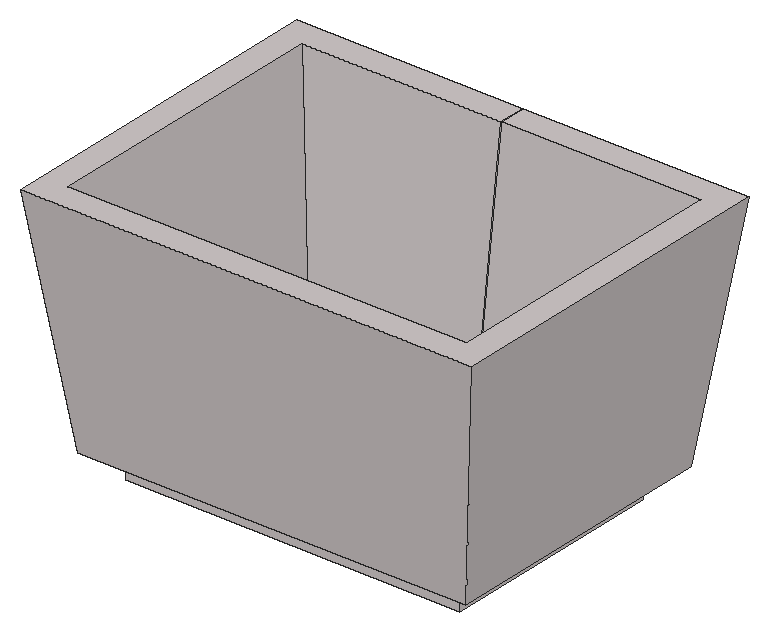
Revit family
Parameters (values of type "850 x 650 mm")
  Width = 650 mm
  Planter Material = Precast Concrete
  Length = 850 mm
Types (3, lengths in mm): name | Length
  (no name) | 850
  650 x650 mm | 650
  850 x 650 mm | 850
Reference planes
  plane 1 "Center (Front/Back)": y = 0
  plane 2: z = 0
  plane 3 "Center (Left/Right)": x = 0
  plane 4: z = 500
  plane 5: x = -425
  plane 6: x = 425
  plane 7: y = 325
  plane 8: y = -325
Forms (mm)
  Extrusion 1, solid, material "Precast Concrete" <- "Planter Material"
    sketch origin (0, 0, 0) x (1, 0, 0) y (0, 1, 0)
      loop
        line (-315, 215) -> (-315, -215) -> (315, -215) -> (315, 215) -> (-315, 215)
    from 0 to 50
  Blend 2, solid, material "Precast Concrete" <- "Planter Material"
    base sketch origin (-65, 0, 0) x (1, 0, 0) y (0, 1, 0)
      loop
        line (-300, 265) -> (-300, -265) -> (430, -265) -> (430, 265) -> (65.5, 265) -> (65.5, 215) -> (380, 215) -> (380, -215) -> (-250, -215) -> (-250, 215) -> (65, 215) -> (65, 265) -> (-300, 265)
    top sketch origin (-65, 0, 0) x (1, 0, 0) y (0, 1, 0)
      loop
        line (-360, -325) -> (490, -325) -> (490, 325) -> (65.5, 325) -> (65.5, 275) -> (440, 275) -> (440, -275) -> (-310, -275) -> (-310, 275) -> (65, 275) -> (65, 325) -> (-360, 325) -> (-360, -325)
    from 50 to 500
Lines and regions (mm)
  symbolic lines
    curve 1: line (-425, -325, 0) -> (425, -325, 0)
    curve 2: line (-425, 325, 0) -> (-425, -325, 0)
    curve 3: line (425, 325, 0) -> (-425, 325, 0)
    curve 4: line (425, -325, 0) -> (425, 325, 0)
    curve 5: line (-375, -275, 0) -> (375, -275, 0)
    curve 6: line (-375, 275, 0) -> (-375, -275, 0)
    curve 7: line (375, 275, 0) -> (-375, 275, 0)
    curve 8: line (375, -275, 0) -> (375, 275, 0)
    curve 9: line (-315, -215, 0) -> (315, -215, 0)
    curve 10: line (-315, 215, 0) -> (-315, -215, 0)
    curve 11: line (315, 215, 0) -> (-315, 215, 0)
    curve 12: line (315, -215, 0) -> (315, 215, 0)
    curve 13: line (-315, 215, 0) -> (-375, 275, 0)
    curve 14: line (375, 275, 0) -> (315, 215, 0)
    curve 15: line (315, -215, 0) -> (375, -275, 0)
    curve 16: line (-315, -215, 0) -> (-375, -275, 0)
Dimensions and locks
  plane 4 to level = 500 mm
  equal spacing: plane 5, plane 3 "Center (Left/Right)", plane 6
  "Length": plane 5 to plane 6
  equal spacing: plane 8, plane 1 "Center (Front/Back)", plane 7
  "Width": plane 8 to plane 7
  aligned and locked: Blend 2 to Extrusion 1
  aligned and locked: plane 4 to Blend 2
  aligned and locked: plane 3 "Center (Left/Right)" to Blend 2 sketch curve  (x2)
  aligned and locked: plane 5 to Blend 2
  aligned and locked: Blend 2 to plane 6
  aligned and locked: plane 7 to Blend 2
  aligned and locked: Blend 2 to plane 8
Automatic sketch dimensions
  plane 5 to Extrusion 1 sketch curve = 110 mm
  Extrusion 1 sketch curve to plane 6 = 110 mm
  Extrusion 1 sketch curve to plane 8 = 110 mm
  plane 7 to Extrusion 1 sketch curve = 110 mm
  plane 5 to Blend 2 sketch curve = 110 mm
  plane 5 to Blend 2 sketch curve = 60 mm
  Blend 2 sketch curve to Blend 2 sketch curve = 0.5 mm  (x2)
  Blend 2 sketch curve to plane 6 = 110 mm
  Blend 2 sketch curve to plane 6 = 60 mm
  Blend 2 sketch curve to plane 8 = 60 mm
  Blend 2 sketch curve to Blend 2 sketch curve = 50 mm
  plane 7 to Blend 2 sketch curve = 110 mm  (x2)
  plane 7 to Blend 2 sketch curve = 60 mm  (x2)
  Blend 2 sketch curve to plane 5 = 0 mm
  Blend 2 sketch curve to plane 7 = 0 mm  (x2)
  Blend 2 sketch curve to plane 6 = 0 mm
  Blend 2 sketch curve to plane 8 = 0 mm
  plane 5 to Blend 2 sketch curve = 50 mm
  Blend 2 sketch curve to plane 6 = 50 mm
  Blend 2 sketch curve to plane 8 = 50 mm
  plane 7 to Blend 2 sketch curve = 50 mm
  Blend 2 sketch curve to Blend 2 sketch curve = 0 mm
  curve 3 to plane 5 = 0 mm
  curve 4 to plane 6 = 0 mm
  curve 1 to plane 8 = 0 mm
  curve 3 to plane 7 = 0 mm
  plane 5 to curve 13 = 50 mm
  curve 5 to curve 9 = 60 mm  (x2)
  curve 12 to plane 6 = 110 mm
  curve 15 to plane 6 = 50 mm
  curve 6 to plane 8 = 50 mm
  plane 7 to curve 11 = 110 mm
  plane 7 to curve 6 = 50 mm
